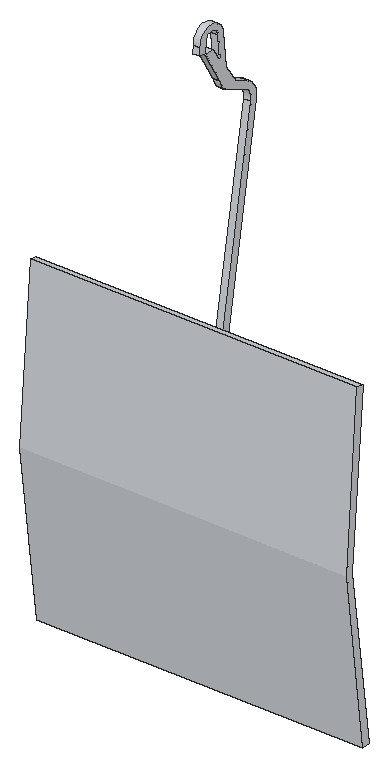
Revit family "4ft Forte Ceiling Panel Stored", category Furniture, Revit 2011
Parameters (values of type "Forte 4' Ceiling")
  URL = "http://www.wengercorp.com/Home/Contact.html"
  Toekick Material [instance] = none
  RH End Panel [instance] = no
  Model = "60"
  Manufacturer = "Wenger Corporation"
  LH End Panel [instance] = no
  End Panel Material [instance] = none
  Edge Banding Material [instance] = none
  Door Material [instance] = none
  Description = "Standard 16' Forte Tower"
  Assembly Code = ""
Reference planes (in)
  plane 1 "Top View 2D location": z = 270
  plane 2: x = 22.64221
  plane 3: x = 46.64221
  plane 4: x = 34.64221
  plane 5: y = 855.02239
  plane 6: z = 199.50508
  plane 7: through (480, 877.28627, 193.231) normal (0, -0.2588, -0.9659)
Forms (in)
  Extrusion 1, solid
    sketch origin (58.64221, 563.88841, 836.83329) x (0, -0.254687, 0.967024) y (0, 0.967024, 0.254687)
      loop
        arc (-666.01623, 123.40557) -> (-688.63377, 115.48987) -> (-712.38896, 112.34304) r 117.12158
        line (-712.38896, 112.34304) -> (-712.354, 111.34306)
        arc (-712.354, 111.34306) -> (-688.40365, 114.51754) -> (-665.60018, 122.49866) r 118.11957
        line (-665.60018, 122.49866) -> (-666.01623, 123.40557)
    from 0 to 48
  Extrusion 2, solid
    sketch origin (47.39227, 533.94489, 811.5195) x (0, 0.281253, -0.959634) y (0, 0.959634, 0.281253)
      loop
        line (674.00797, 132.83014) -> (677.38539, 131.92516) -> (677.56163, 132.58292) -> (677.27009, 136.39071) -> (676.32685, 136.64345) -> (674.17486, 133.45299) -> (674.00797, 132.83014)
    from 0 to 0.25
  Extrusion 3, solid
    sketch origin (45.64221, 533.94489, 811.5195) x (0, 0.281253, -0.959634) y (0, 0.959634, 0.281253)
      loop
        line (674.00797, 132.83014) -> (677.38539, 131.92516) -> (677.56163, 132.58292) -> (677.27009, 136.39071) -> (676.32685, 136.64345) -> (674.17486, 133.45299) -> (674.00797, 132.83014)
    from 0 to 0.25
  Extrusion 4, solid
    sketch origin (23.39227, 533.94489, 811.5195) x (0, 0.281253, -0.959634) y (0, 0.959634, 0.281253)
      loop
        line (674.00797, 132.83014) -> (677.38539, 131.92516) -> (677.56163, 132.58292) -> (677.27009, 136.39071) -> (676.32685, 136.64345) -> (674.17486, 133.45299) -> (674.00797, 132.83014)
    from 0 to 0.25
  Extrusion 5, solid
    sketch origin (21.64221, 533.94489, 811.5195) x (0, 0.281253, -0.959634) y (0, 0.959634, 0.281253)
      loop
        line (674.00797, 132.83014) -> (677.38539, 131.92516) -> (677.56163, 132.58292) -> (677.27009, 136.39071) -> (676.32685, 136.64345) -> (674.17486, 133.45299) -> (674.00797, 132.83014)
    from 0 to 0.25
  Extrusion 6, solid
    sketch origin (47.64221, 177.94081, 64.71877) x (0, -1, 0) y (0, 0, 1)
      loop
        line (-676.08984, 135.78631) -> (-677.08984, 135.78631) -> (-677.08984, 135.22351) -> (-676.08984, 135.22351) -> (-676.08984, 135.78631)
    from -0.00006 to 26
  Extrusion 7, solid
    sketch origin (35.14221, 177.94081, 64.71877) x (0, -1, 0) y (0, 0, 1)
      loop
        line (-676.08984, 136.22351) -> (-676.08984, 142.15091) -> (-683.74531, 184.74649)
        arc (-683.74531, 184.74649) -> (-683.52247, 186.04739) -> (-682.53733, 186.92575) r 1.99868
        line (-682.53733, 186.92575) -> (-679.18968, 188.30833)
        arc (-679.18968, 188.30833) -> (-678.51213, 188.86132) -> (-678.25322, 189.69669) r 1.51471
        line (-678.25322, 189.69669) -> (-678.22809, 189.98616) -> (-678.11876, 189.92046) -> (-675.41481, 194.42059) -> (-675.61622, 194.54161) -> (-676.79761, 194.54161) -> (-678.02626, 192.52702) -> (-677.71043, 196.13622)
        arc (-677.71043, 196.13622) -> (-676.61181, 197.15987) -> (-675.47878, 196.17444) r 1.12215
        line (-675.47878, 196.17444) -> (-675.25896, 194.66631) -> (-674.32803, 194.80201) -> (-674.47868, 195.83559)
        arc (-674.47868, 195.83559) -> (-676.48611, 197.97137) -> (-678.68271, 196.03068) r 2.10527
        line (-678.68271, 196.03068) -> (-679.13378, 191.31212) -> (-681.0882, 188.62209) -> (-683.26307, 187.69892) -> (-683.58867, 187.4793) -> (-683.92627, 187.17532) -> (-684.22577, 186.8184) -> (-684.46298, 186.45311) -> (-684.66827, 185.88909) -> (-684.74174, 185.54344) -> (-684.77793, 185.12974) -> (-684.72834, 184.56291) -> (-677.11492, 142.20128) -> (-677.10486, 142.08627) -> (-677.08984, 141.91467) -> (-677.08984, 136.22351) -> (-676.08984, 136.22351)
    from 0 to 1
Dimensions and locks (in)
  equal spacing: plane 2, plane 4, plane 3, locked at 12 each
  Extrusion 1 sketch curve to Extrusion 1 sketch curve = 0' - 0.99779"
  locked: Extrusion 1 sketch curve to Extrusion 1 sketch curve at 1.00059
  Extrusion 1 to Extrusion 5 to Extrusion 4 to Extrusion 7 to Extrusion 7 to Extrusion 3 to Extrusion 2 to Extrusion 1 = 0' - 11 1/4" locked, 0' - 1.75006" locked, 0' - 10.49994" locked, 0' - 1" locked, 0' - 10 1/2" locked, 0' - 1.75006" locked, 0' - 11.24994" locked
  locked: Extrusion 2 to Extrusion 2 at 0.25
  locked: Extrusion 3 to Extrusion 3 at 0.25
  Extrusion 7 to Extrusion 7 = 0' - 1"
  locked: Extrusion 4 to Extrusion 4 at 0.25
  locked: Extrusion 5 to Extrusion 5 at 0.25
  locked: Extrusion 2 to plane 6 at 1.41994
  locked: Extrusion 7 to plane 5 at 0.99174
  locked: Extrusion 6 to plane 6 at 1
  locked: Extrusion 7 to plane 6 at 63.18732
  radius of Extrusion 1 sketch curve = 9' - 9.12158"
  locked: plane 7 to plane 6 (angle 14.9975°)
Automatic sketch dimensions
  plane 6 to Extrusion 1 sketch curve = 0' - 3.54372"
  Extrusion 1 sketch curve to plane 7 = 2' - 8.96951"
  Extrusion 1 sketch curve to Extrusion 1 sketch curve = 0' - 0.00647"
  Extrusion 1 sketch curve to Extrusion 1 sketch curve = 0' - 3.4288"
  Extrusion 1 sketch curve to Extrusion 1 sketch curve = 0' - 0.03496"
  Extrusion 1 sketch curve to Extrusion 1 sketch curve = 3' - 10.37274"
  Extrusion 1 sketch curve to Extrusion 1 sketch curve = 0' - 0.41604"
  Extrusion 2 sketch curve to plane 7 = 0' - 1.73802"
  plane 6 to Extrusion 2 sketch curve = 0' - 2.57271"
  Extrusion 2 sketch curve to Extrusion 2 sketch curve = 0' - 0.16689"
  Extrusion 2 sketch curve to Extrusion 2 sketch curve = 0' - 2.15199"
  Extrusion 2 sketch curve to Extrusion 2 sketch curve = 0' - 0.94324"
  Extrusion 2 sketch curve to Extrusion 2 sketch curve = 0' - 3.37742"
  Extrusion 2 sketch curve to Extrusion 2 sketch curve = 0' - 0.17624"
  Extrusion 2 sketch curve to Extrusion 2 sketch curve = 0' - 0.24722"
  Extrusion 2 sketch curve to Extrusion 2 sketch curve = 0' - 3.80779"
  Extrusion 2 sketch curve to Extrusion 2 sketch curve = 0' - 0.25274"
  Extrusion 3 sketch curve to plane 7 = 0' - 1.73802"
  plane 6 to Extrusion 3 sketch curve = 0' - 2.57271"
  Extrusion 3 sketch curve to Extrusion 3 sketch curve = 0' - 0.16689"
  Extrusion 3 sketch curve to Extrusion 3 sketch curve = 0' - 2.15199"
  Extrusion 3 sketch curve to Extrusion 3 sketch curve = 0' - 0.94324"
  Extrusion 3 sketch curve to Extrusion 3 sketch curve = 0' - 3.37742"
  Extrusion 3 sketch curve to Extrusion 3 sketch curve = 0' - 0.17624"
  Extrusion 3 sketch curve to Extrusion 3 sketch curve = 0' - 0.24722"
  Extrusion 3 sketch curve to Extrusion 3 sketch curve = 0' - 3.80779"
  Extrusion 3 sketch curve to Extrusion 3 sketch curve = 0' - 0.25274"
  Extrusion 4 sketch curve to plane 7 = 0' - 1.73802"
  plane 6 to Extrusion 4 sketch curve = 0' - 2.57271"
  Extrusion 4 sketch curve to Extrusion 4 sketch curve = 0' - 0.16689"
  Extrusion 4 sketch curve to Extrusion 4 sketch curve = 0' - 2.15199"
  Extrusion 4 sketch curve to Extrusion 4 sketch curve = 0' - 0.94324"
  Extrusion 4 sketch curve to Extrusion 4 sketch curve = 0' - 3.37742"
  Extrusion 4 sketch curve to Extrusion 4 sketch curve = 0' - 0.17624"
  Extrusion 4 sketch curve to Extrusion 4 sketch curve = 0' - 0.24722"
  Extrusion 4 sketch curve to Extrusion 4 sketch curve = 0' - 3.80779"
  Extrusion 4 sketch curve to Extrusion 4 sketch curve = 0' - 0.25274"
  Extrusion 5 sketch curve to plane 7 = 0' - 1.73802"
  plane 6 to Extrusion 5 sketch curve = 0' - 2.57271"
  Extrusion 5 sketch curve to Extrusion 5 sketch curve = 0' - 0.16689"
  Extrusion 5 sketch curve to Extrusion 5 sketch curve = 0' - 2.15199"
  Extrusion 5 sketch curve to Extrusion 5 sketch curve = 0' - 0.94324"
  Extrusion 5 sketch curve to Extrusion 5 sketch curve = 0' - 3.37742"
  Extrusion 5 sketch curve to Extrusion 5 sketch curve = 0' - 0.17624"
  Extrusion 5 sketch curve to Extrusion 5 sketch curve = 0' - 0.24722"
  Extrusion 5 sketch curve to Extrusion 5 sketch curve = 0' - 3.80779"
  Extrusion 5 sketch curve to Extrusion 5 sketch curve = 0' - 0.25274"
  plane 5 to Extrusion 6 sketch curve = 0' - 0.00826"
  plane 6 to Extrusion 6 sketch curve = 0' - 0.4372"
  Extrusion 6 sketch curve to plane 5 = 0' - 0.99174"
  Extrusion 6 sketch curve to Extrusion 6 sketch curve = 0' - 0.5628"
  plane 5 to Extrusion 7 sketch curve = 0' - 7.69636"
  Extrusion 7 sketch curve to Extrusion 7 sketch curve = 0' - 0.03619"
  Extrusion 7 sketch curve to Extrusion 7 sketch curve = 0' - 0.04959"
  Extrusion 7 sketch curve to Extrusion 7 sketch curve = 0' - 0.07347"
  Extrusion 7 sketch curve to Extrusion 7 sketch curve = 0' - 0.20529"
  Extrusion 7 sketch curve to Extrusion 7 sketch curve = 0' - 0.23722"
  Extrusion 7 sketch curve to Extrusion 7 sketch curve = 0' - 0.29949"
  Extrusion 7 sketch curve to Extrusion 7 sketch curve = 0' - 0.98303"
  Extrusion 7 sketch curve to Extrusion 7 sketch curve = 0' - 0.3376"
  Extrusion 7 sketch curve to Extrusion 7 sketch curve = 0' - 0.3256"
  Extrusion 7 sketch curve to Extrusion 7 sketch curve = 0' - 0.72574"
  Extrusion 7 sketch curve to Extrusion 7 sketch curve = 0' - 0.76295"
  Extrusion 7 sketch curve to Extrusion 7 sketch curve = 0' - 1.44914"
  Extrusion 7 sketch curve to Extrusion 7 sketch curve = 0' - 1 41/128"
  Extrusion 7 sketch curve to Extrusion 7 sketch curve = 0' - 0.5782"
  Extrusion 7 sketch curve to Extrusion 7 sketch curve = 0' - 0.6341"
  plane 5 to Extrusion 7 sketch curve = 0' - 1.60113"
  plane 5 to Extrusion 7 sketch curve = 0' - 1.17164"
  Extrusion 7 sketch curve to Extrusion 7 sketch curve = 0' - 0.02512"
  Extrusion 7 sketch curve to Extrusion 7 sketch curve = 0' - 0.10934"
  plane 5 to Extrusion 7 sketch curve = 0' - 0.94468"
  plane 5 to Extrusion 7 sketch curve = 0' - 0.62885"
  plane 5 to Extrusion 7 sketch curve = 0' - 0.03334"
  plane 5 to Extrusion 7 sketch curve = 0' - 0.02328"
  plane 5 to Extrusion 7 sketch curve = 0' - 0.00826"
  Extrusion 7 sketch curve to plane 5 = 0' - 0.28397"
  Extrusion 7 sketch curve to plane 5 = 0' - 0.48899"
  Extrusion 7 sketch curve to Extrusion 7 sketch curve = 0' - 0.00889"
  Extrusion 7 sketch curve to plane 5 = 0' - 0.99174"
  Extrusion 7 sketch curve to Extrusion 7 sketch curve = 0' - 1.18139"
  Extrusion 7 sketch curve to Extrusion 7 sketch curve = 0' - 1.11382"
  Extrusion 7 sketch curve to Extrusion 7 sketch curve = 0' - 0.20141"
  Extrusion 7 sketch curve to Extrusion 7 sketch curve = 0' - 0.15585"
  Extrusion 7 sketch curve to Extrusion 7 sketch curve = 0' - 1.00009"
  Extrusion 7 sketch curve to Extrusion 7 sketch curve = 0' - 0.93093"
  plane 6 to Extrusion 7 sketch curve = 0' - 1.4372"
  Extrusion 7 sketch curve to Extrusion 7 sketch curve = 0' - 5.69116"
  Extrusion 7 sketch curve to Extrusion 7 sketch curve = 0' - 0.1716"
  Extrusion 7 sketch curve to Extrusion 7 sketch curve = 0' - 0.06464"
  Extrusion 7 sketch curve to Extrusion 7 sketch curve = 0' - 0.11501"
  Extrusion 7 sketch curve to plane 1 "Top View 2D location" = 1' - 8.71832"
  Extrusion 7 sketch curve to Extrusion 7 sketch curve = 0' - 0 47/256"
  Extrusion 7 sketch curve to Extrusion 7 sketch curve = 0' - 0.33192"
  Extrusion 7 sketch curve to Extrusion 7 sketch curve = 0' - 0.56683"
  Extrusion 7 sketch curve to Extrusion 7 sketch curve = 0' - 0.4137"
  Extrusion 7 sketch curve to Extrusion 7 sketch curve = 0' - 0.34565"
  Extrusion 7 sketch curve to Extrusion 7 sketch curve = 0' - 0.56402"
  Extrusion 7 sketch curve to Extrusion 7 sketch curve = 0' - 0.36529"
  Extrusion 7 sketch curve to Extrusion 7 sketch curve = 0' - 0.35692"
  Extrusion 7 sketch curve to Extrusion 7 sketch curve = 0' - 0.30398"
  Extrusion 7 sketch curve to Extrusion 7 sketch curve = 0' - 0.21962"
  Extrusion 7 sketch curve to Extrusion 7 sketch curve = 0' - 1.38258"
  Extrusion 7 sketch curve to Extrusion 7 sketch curve = 0' - 0.31376"
  Extrusion 7 sketch curve to Extrusion 7 sketch curve = 0' - 1.38836"
  Extrusion 7 sketch curve to Extrusion 7 sketch curve = 0' - 0.22378"
  Extrusion 7 sketch curve to Extrusion 7 sketch curve = 0' - 0.0657"
  Extrusion 7 sketch curve to Extrusion 7 sketch curve = 0' - 1.32597"
  Extrusion 7 sketch curve to Extrusion 7 sketch curve = 0' - 1.2149"
  Extrusion 7 sketch curve to Extrusion 7 sketch curve = 0' - 0.24572"
  Extrusion 7 sketch curve to Extrusion 7 sketch curve = 0' - 0.13569"
  Extrusion 7 sketch curve to Extrusion 7 sketch curve = 0' - 0.30608"
  Extrusion 7 sketch curve to Extrusion 7 sketch curve = 0' - 0.16952"
Nested families (in)
  nested 1: "Labels" at (35.25843, 847.63326, 0), type "4'"
Definition of nested family "Labels"
  Parameters (values of type "Standard")
    Cabinet Label = "01"
  Types (4): name | Cabinet Label
    Standard | "01"
    Narrow | "01N"
    Narrow Acoustic | "01NA"
    Acoustic | "01A"
  Reference planes (in)
    plane 1: y = 0
    plane 2: x = 0
  Text (in)
    label "xxxx" at (-0.00018, 0.00754, 0), shows "Cabinet Label"
